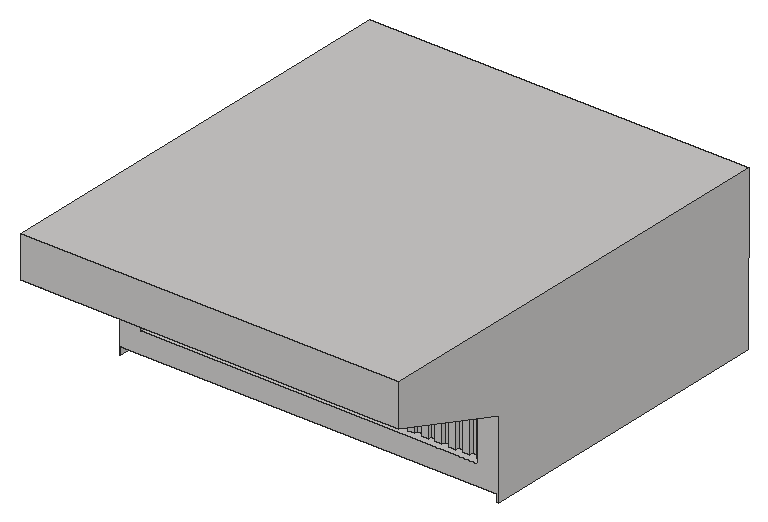
Revit family "QF_ZANUSSI_922719_HOODFA61021", category Specialty Equipment, Revit 2021
Family settings
  Round Connector Dimension = Use Diameter
  Part Type = Normal
  Work Plane-Based = No
  Always vertical = Yes
  Cut with Voids When Loaded = No
  Shared = No
  Room Calculation Point = No
Parameters
  Weight = 114.00 kg
  Watts = 0 W
  Volts = 220 V
  URL Manufacturer = "http://www.zanussiprofessional.com"
  URL = "http://www.zanussiprofessional.com"
  Steam Supply Size = 0 mm
  Steam Supply Minimum Pressure = 0.0 Pa
  Steam Supply Maximum Pressure = 0.0 Pa
  Steam Pounds per Hour = 0
  Show Logo [instance] = yes
  Show Clearance [instance] = yes
  Refrigeration Suction Line Size = 0 mm
  Refrigeration Liquid Line Size = 0 mm
  Refrigerant Compressor Remote = yes
  Manufacturer = "Zanussi"
  Phase = 1
  Model = "HOOT21E"
  Length Actual = 1098 mm
  Item Number = "922719"
  Hot Water Size = 0 mm
  Height Actual = 472 mm
  HP = "1.1 HP"
  Gas Size = 0 mm
  Gas KW = 0
  Gas Input Pressure = 0 W
  Direct Waste Size = 0 mm
  Description = "ODOUR REDUCTION HOOD WITH FAN FOR 6&10 GN 2/1 ELECTRIC OVEN"
  Depth Actual = 1266 mm
  Default Elevation = 0 mm
  Cycle = 50 Hz
  Condensate Return Size = 0 mm
  Compressed Air Volume = 0.0 L/s
  Compressed Air Size = 0 mm
  Compressed Air Pressure = 0.0 Pa
  Cold Water Size = 0 mm
  Accessory = no
Reference planes
  plane 1 "Center X": y = 190.351
  plane 2: z = 0
  plane 3 "Center Y": x = -215
  plane 4 "LEFT": x = -760
  plane 5 "BACK": y = 675.851
  plane 6 "RIGHT": x = 330
  plane 7 "FRONT": y = -295.149
  plane 8 "TOP": z = 1728
  plane 9: y = -590.149
  plane 10: x = -764
  plane 11: x = 334
  plane 12: z = 2178
Forms (mm)
  Extrusion 1, solid, material "QF_Clearance", visible <- "Show Clearance", detail levels coarse
    sketch origin (0, 0, 0) x (1, 0, 0) y (0, 1, 0)
      loop
        line (-764, 675.851) -> (334, 675.851) -> (334, 825.851) -> (-764, 825.851) -> (-764, 675.851)
    from 1707 to 2178
  Extrusion 2, solid, material "QF_Clearance", visible <- "Show Clearance", detail levels coarse
    sketch origin (-1150.39, -1524, 2178) x (-1, 0, 0) y (0, -1, 0)
      loop
        line (-386.39, -933.851) -> (-1484.39, -933.851) -> (-1484.39, -2349.851) -> (-386.39, -2349.851) -> (-386.39, -933.851)
    from 450 to 0
  Extrusion 3, solid, material "QF_Finishes_Stainless Steel"
    sketch origin (-215, 0, 0) x (0, 1, 0) y (0, 0, 1)
      loop
        line (675.851, 1728) -> (675.851, 2178) -> (-590.149, 2178) -> (-590.149, 2057.936) -> (-230.149, 1933.979) -> (-230.149, 1728) -> (675.851, 1728)
    from -549 to -489
  Extrusion 4, solid, material "QF_Finishes_Stainless Steel"
    sketch origin (-215, 0, 0) x (0, 1, 0) y (0, 0, 1)
      loop
        line (675.851, 1728) -> (675.851, 2178) -> (-590.149, 2178) -> (-590.149, 2057.936) -> (-230.149, 1933.979) -> (-230.149, 1728) -> (675.851, 1728)
    from 549 to 489
  Extrusion 5, solid, material "QF_Finishes_Stainless Steel"
    sketch origin (-215, 0, 0) x (0, 1, 0) y (0, 0, 1)
      loop
        line (675.851, 1728) -> (675.851, 2178) -> (-590.149, 2178) -> (-590.149, 2057.936) -> (-210.149, 2057.936) -> (-210.149, 1788) -> (-230.149, 1788) -> (-230.149, 1728) -> (675.851, 1728)
    from -489 to 489
  Extrusion 6, solid, material "QF_Finishes_Stainless Steel"
    sketch origin (0, -295.149, 0) x (-1, 0, 0) y (0, 0, 1)
      loop
        line (764, 1728) -> (760, 1728) -> (760, 1707) -> (764, 1707) -> (764, 1728)
      loop
        line (-330, 1728) -> (-334, 1728) -> (-334, 1707) -> (-330, 1707) -> (-330, 1728)
    from 65 to 971
  Extrusion 7, void
    sketch origin (0, 0, 0) x (1, 0, 0) y (0, 1, 0)
      loop
        line (-685, -200.149) -> (-685, -210.149) -> (-665, -210.149) -> (-665, -200.149) -> (-685, -200.149)
      loop
        line (-645, -200.149) -> (-645, -210.149) -> (-625, -210.149) -> (-625, -200.149) -> (-645, -200.149)
      loop
        line (-605, -200.149) -> (-605, -210.149) -> (-585, -210.149) -> (-585, -200.149) -> (-605, -200.149)
      loop
        line (-565, -200.149) -> (-565, -210.149) -> (-545, -210.149) -> (-545, -200.149) -> (-565, -200.149)
      loop
        line (-525, -200.149) -> (-525, -210.149) -> (-505, -210.149) -> (-505, -200.149) -> (-525, -200.149)
      loop
        line (-485, -200.149) -> (-485, -210.149) -> (-465, -210.149) -> (-465, -200.149) -> (-485, -200.149)
      loop
        line (-445, -200.149) -> (-445, -210.149) -> (-425, -210.149) -> (-425, -200.149) -> (-445, -200.149)
      loop
        line (-405, -200.149) -> (-405, -210.149) -> (-385, -210.149) -> (-385, -200.149) -> (-405, -200.149)
      loop
        line (-365, -200.149) -> (-365, -210.149) -> (-345, -210.149) -> (-345, -200.149) -> (-365, -200.149)
      loop
        line (-325, -200.149) -> (-325, -210.149) -> (-305, -210.149) -> (-305, -200.149) -> (-325, -200.149)
      loop
        line (-285, -200.149) -> (-285, -210.149) -> (-265, -210.149) -> (-265, -200.149) -> (-285, -200.149)
      loop
        line (-245, -200.149) -> (-245, -210.149) -> (-225, -210.149) -> (-225, -200.149) -> (-245, -200.149)
      loop
        line (-205, -200.149) -> (-205, -210.149) -> (-185, -210.149) -> (-185, -200.149) -> (-205, -200.149)
      loop
        line (-165, -200.149) -> (-165, -210.149) -> (-145, -210.149) -> (-145, -200.149) -> (-165, -200.149)
      loop
        line (-125, -200.149) -> (-125, -210.149) -> (-105, -210.149) -> (-105, -200.149) -> (-125, -200.149)
      loop
        line (-85, -200.149) -> (-85, -210.149) -> (-65, -210.149) -> (-65, -200.149) -> (-85, -200.149)
      loop
        line (-45, -200.149) -> (-45, -210.149) -> (-25, -210.149) -> (-25, -200.149) -> (-45, -200.149)
      loop
        line (-5, -200.149) -> (-5, -210.149) -> (15, -210.149) -> (15, -200.149) -> (-5, -200.149)
      loop
        line (35, -200.149) -> (35, -210.149) -> (55, -210.149) -> (55, -200.149) -> (35, -200.149)
      loop
        line (75, -200.149) -> (75, -210.149) -> (95, -210.149) -> (95, -200.149) -> (75, -200.149)
      loop
        line (115, -200.149) -> (115, -210.149) -> (135, -210.149) -> (135, -200.149) -> (115, -200.149)
      loop
        line (155, -200.149) -> (155, -210.149) -> (175, -210.149) -> (175, -200.149) -> (155, -200.149)
      loop
        line (195, -200.149) -> (195, -210.149) -> (215, -210.149) -> (215, -200.149) -> (195, -200.149)
      loop
        line (235, -200.149) -> (235, -210.149) -> (255, -210.149) -> (255, -200.149) -> (235, -200.149)
    from 1788 to 2057.936
  Extrusion 8, solid, material "QF_Finishes_Stainless Steel"
    sketch origin (0, 675.851, 0) x (-1, 0, 0) y (0, 0, 1)
      loop
        circle (-309, 2113) r 8
      loop
        circle (215, 1746) r 7
    from 0 to 20
Cuts and joins
  joined: Extrusion 1, Extrusion 2
  Extrusion 7 cuts Extrusion 5
  joined: Extrusion 3, Extrusion 4, Extrusion 5, Extrusion 6, Extrusion 8
Lines and regions (mm)
  symbolic lines, style "QF_Clearances", visible <- "Show Clearance"
    curve 1: line (334, 825.851, 0) -> (-764, 825.851, 0)
  symbolic lines, style "Linee tratto punto"
    curve 2: line (-764, 675.851, 0) -> (334, 675.851, 0)
    curve 3: line (-764, -590.149, 0) -> (-764, 675.851, 0)
    curve 4: line (334, -590.149, 0) -> (-764, -590.149, 0)
    curve 5: line (334, 675.851, 0) -> (334, -590.149, 0)
    curve 16: line (-764, -590.149, 0) -> (334, 675.851, 0)
    curve 17: line (-764, 675.851, 0) -> (334, -590.149, 0)
  symbolic lines
    curve 6: line (-222, 695.851, 0) -> (-208, 695.851, 0)
    curve 7: line (-208, 695.851, 0) -> (-208, 675.851, 0)
    curve 8: line (-222, 695.851, 0) -> (-222, 675.851, 0)
    curve 9: line (317, 695.851, 0) -> (317, 675.851, 0)
    curve 10: line (317, 695.851, 0) -> (301, 695.851, 0)
    curve 11: line (301, 695.851, 0) -> (301, 675.851, 0)
  symbolic lines, style "SpecialityEquipmentHiddenLines"
    curve 12: line (-111, 534.851, 0) -> (189, 534.851, 0)
    curve 13: line (-111, 234.851, 0) -> (-111, 534.851, 0)
    curve 14: line (189, 234.851, 0) -> (-111, 234.851, 0)
    curve 15: line (189, 534.851, 0) -> (189, 234.851, 0)
Dimensions and locks
  equal spacing: plane 4 "LEFT", plane 3 "Center Y", plane 6 "RIGHT"
  plane 10 to plane 11 = 1098 mm
  plane 5 "BACK" to plane 9 = 1266 mm
  equal spacing: plane 5 "BACK", plane 1 "Center X", plane 7 "FRONT"
  locked: plane 10 to plane 4 "LEFT" at 4
  locked: plane 6 "RIGHT" to plane 11 at 4
  cut or joined group of Extrusion 3, Extrusion 4, Extrusion 5, Extrusion 6, Extrusion 7, Extrusion 8 to Extrusion 8 sketch curve = 39 mm
  Extrusion 8 sketch curve to plane 12 = 65 mm
  plane 11 to Extrusion 8 sketch curve = 25 mm
  aligned and locked: level to plane 2
Automatic sketch dimensions
  Extrusion 1 sketch curve to plane 10 = 0 mm
  Extrusion 1 sketch curve to plane 11 = 0 mm
  Extrusion 1 sketch curve to plane 5 "BACK" = 0 mm
  plane 5 "BACK" to Extrusion 1 sketch curve = 150 mm
  Extrusion 2 sketch curve to plane 9 = 0 mm
  Extrusion 2 sketch curve to plane 11 = 0 mm
  Extrusion 2 sketch curve to plane 10 = 0 mm
  plane 5 "BACK" to Extrusion 2 sketch curve = 150 mm
  Extrusion 3 sketch curve to plane 9 = 0 mm
  Extrusion 3 sketch curve to plane 8 "TOP" = 0 mm
  Extrusion 3 sketch curve to plane 5 "BACK" = 0 mm
  Extrusion 3 sketch curve to plane 12 = 0 mm
  plane 7 "FRONT" to Extrusion 3 sketch curve = 65 mm
  plane 8 "TOP" to Extrusion 3 sketch curve = 205.979 mm
  Extrusion 3 sketch curve to Extrusion 3 sketch curve = 120.064 mm
  Extrusion 4 sketch curve to plane 9 = 0 mm
  Extrusion 4 sketch curve to plane 8 "TOP" = 0 mm
  Extrusion 4 sketch curve to plane 5 "BACK" = 0 mm
  Extrusion 4 sketch curve to plane 12 = 0 mm
  plane 7 "FRONT" to Extrusion 4 sketch curve = 65 mm
  plane 8 "TOP" to Extrusion 4 sketch curve = 205.979 mm
  Extrusion 4 sketch curve to Extrusion 4 sketch curve = 120.064 mm
  Extrusion 5 sketch curve to plane 9 = 0 mm
  Extrusion 5 sketch curve to plane 8 "TOP" = 0 mm
  Extrusion 5 sketch curve to plane 5 "BACK" = 0 mm
  Extrusion 5 sketch curve to plane 12 = 0 mm
  plane 7 "FRONT" to Extrusion 5 sketch curve = 65 mm
  plane 7 "FRONT" to Extrusion 5 sketch curve = 85 mm
  plane 8 "TOP" to Extrusion 5 sketch curve = 60 mm
  Extrusion 5 sketch curve to plane 12 = 120.064 mm
  Extrusion 6 sketch curve to plane 8 "TOP" = 0 mm  (x2)
  Extrusion 6 sketch curve to plane 11 = 0 mm
  Extrusion 6 sketch curve to plane 6 "RIGHT" = 0 mm
  Extrusion 6 sketch curve to plane 4 "LEFT" = 0 mm
  Extrusion 6 sketch curve to plane 10 = 0 mm
  Extrusion 6 sketch curve to plane 8 "TOP" = 21 mm
  Extrusion 6 sketch curve to Extrusion 6 sketch curve = 21 mm
  plane 4 "LEFT" to Extrusion 7 sketch curve = 75 mm
  Extrusion 7 sketch curve to Extrusion 7 sketch curve = 20 mm  (x45)
  Extrusion 7 sketch curve to plane 3 "Center Y" = 10 mm
  plane 3 "Center Y" to Extrusion 7 sketch curve = 10 mm
  plane 7 "FRONT" to Extrusion 7 sketch curve = 85 mm  (x2)
  Extrusion 7 sketch curve to Extrusion 7 sketch curve = 0 mm  (x22)
  Extrusion 7 sketch curve to Extrusion 7 sketch curve = 10 mm  (x24)
  Extrusion 8 sketch curve to plane 3 "Center Y" = 0 mm
  curve 1 to plane 10 = 0 mm
  curve 4 to plane 10 = 0 mm
  curve 1 to plane 11 = 0 mm
  curve 16 to plane 5 "BACK" = 0 mm
  curve 16 to plane 11 = 0 mm
  curve 5 to plane 9 = 0 mm
  curve 8 to plane 3 "Center Y" = 7 mm
  plane 3 "Center Y" to curve 6 = 7 mm
  plane 3 "Center Y" to curve 12 = 104 mm
  curve 15 to plane 6 "RIGHT" = 141 mm
  curve 11 to plane 6 "RIGHT" = 29 mm
  curve 9 to plane 6 "RIGHT" = 13 mm
  curve 14 to plane 1 "Center X" = 44.5 mm
  curve 12 to plane 5 "BACK" = 141 mm
  curve 9 to curve 10 = 20 mm
  plane 5 "BACK" to curve 8 = 20 mm
  curve 9 to curve 1 = 130 mm
  radius of Extrusion 8 sketch curve = 8 mm
  radius of Extrusion 8 sketch curve = 7 mm
Connectors
  electrical at (309, 695.851, 2113)
    settings: on cut or joined group of Extrusion 3, Extrusion 4, Extrusion 5, Extrusion 6, Extrusion 7, Extrusion 8, index 1, voltage 0 V, apparent load 0 VA, apparent load phase1 0 VA, apparent load phase2 0 VA, apparent load phase3 0 VA, power factor 1, load classification "Altro", number of poles 1, system type 30, power factor state 1, is connector primary yes, connector utility no, sub classification motor no, connector description "Electrical Connection"
  piping at (-215, 695.851, 1746), diameter 14
    settings: on cut or joined group of Extrusion 3, Extrusion 4, Extrusion 5, Extrusion 6, Extrusion 7, Extrusion 8, index 2, connector inside diameter 609.6 mm, connector length 0 mm, flow factor 0, pipe flow 0.0 L/s, pressure drop 0.0 Pa, fitting loss kfactor 0, connector angle 0.00°, fixture units 0, engagement length 0 mm, angle of deflection 0.00°, flow configuration 1, flow direction 2, fitting loss method 0, system type 16, joint type 0, gender type 0, connector reference index -1, connector utility 0, adjustable connector no, is connector primary yes, connector description "Drain"
